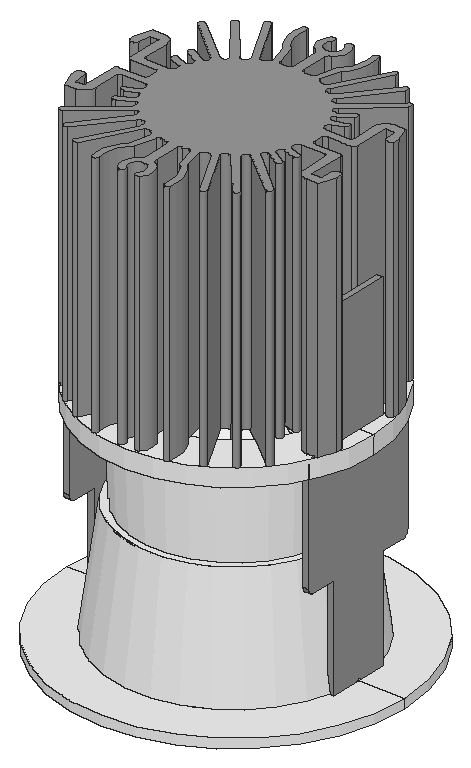
Revit family "Artemide_Everything_55", category Lighting Fixtures, Revit 2018 (continued)
Types (72, lengths in mm): name | Wattage | V_Square | V_Round | Radius_RoundVoidReal | Photometric Web File | built-in parameter 1150142 | M_Louvre | M_HousingLed | built-in parameter 1150105 | Lumens | built-in parameter 1150107 | built-in parameter 1150106 | Product Model Number | Overall Width | Overall Height | Output Lumens Direct light | Input Lumens Direct light | Initial Lumens | IES Files  | Housing Colour  | Face Shape | Efficiency | built-in parameter 1150104 | Distance_SquareVoidReal | Cut Out Length | Colour Temperature | Angle_LightReal | Angle_LightRange | Angle_Light | Adjustable
  Everything_55_Square_20°_3000K_White_NL4203418K006 | 6.4 W | yes | no | 0.3 | "NL4203418K006.IES" | "IESNA:LM-63-2002\r\n[TEST] FTS1500297\r\n[TESTLAB] ARTEMIDE\r\n[TESTDATE] 17 Feb 2015\r\n[ISSUEDATE] 17 Feb 2015\r\n[MANUFAC] ARTEMIDE\r\n[LUMCAT] NL4203418K006\r\n[LUMINAIRE] Everything 55 square 20° - cornice bianca - 3000K\r\n[FLASHAREA] 0.000233\r\n[LAMPCAT] 3000K - Imax=8058 cd/klm - LED Flux=566 lm - LED Power=6.4 W - Eff=84 % - EfcLED=89 lm/W - EfcLum=75 lm/W - Ra=80 min - SDCM=2 - Life=L70(6K)>51,400 ore\r\n[LAMP] 3000K - Imax=8058 cd/klm - LED Flux=566 lm - LED Power=6.4 W - Eff=84 % - EfcLED=89 lm/W - EfcLum=75 lm/W - Ra=80 min - SDCM=2 - Life=L70(6K)>51,400 ore\r\nTILT=NONE\r\n1 476.00 1.0 91 1 1 2 -0.035 -0.035 0.000\r\n1.00 1.00 6.40\r\n0.00 1.00 2.00 3.00 4.00 5.00 6.00 7.00 8.00 9.00 10.00 \r\n11.00 12.00 13.00 14.00 15.00 16.00 17.00 18.00 19.00 \r\n20.00 21.00 22.00 23.00 24.00 25.00 26.00 27.00 28.00 \r\n29.00 30.00 31.00 32.00 33.00 34.00 35.00 36.00 37.00 \r\n38.00 39.00 40.00 41.00 42.00 43.00 44.00 45.00 46.00 \r\n47.00 48.00 49.00 50.00 51.00 52.00 53.00 54.00 55.00 \r\n56.00 57.00 58.00 59.00 60.00 61.00 62.00 63.00 64.00 \r\n65.00 66.00 67.00 68.00 69.00 70.00 71.00 72.00 73.00 \r\n74.00 75.00 76.00 77.00 78.00 79.00 80.00 81.00 82.00 \r\n83.00 84.00 85.00 86.00 87.00 88.00 89.00 90.00 \r\n0.00 \r\n3835.70 3811.54 3722.97 3579.25 3390.25 3174.12 2937.36 \r\n2687.47 2432.02 2169.98 1904.67 1634.92 1363.71 1105.36 \r\n867.10 658.58 485.13 347.55 245.55 171.43 120.13 84.52 \r\n61.07 45.79 35.35 27.74 21.95 17.26 13.97 11.31 9.45 8.19 \r\n6.85 5.52 3.76 2.54 2.07 1.80 1.57 1.29 1.02 0.77 0.62 \r\n0.00 0.00 0.00 0.00 0.00 0.00 0.00 0.00 0.00 0.00 0.00 \r\n0.00 0.00 0.00 0.00 0.00 0.00 0.00 0.00 0.00 0.00 0.00 \r\n0.00 0.00 0.00 0.00 0.00 0.00 0.00 0.00 0.00 0.00 0.00 \r\n0.00 0.00 0.00 0.00 0.00 0.00 0.00 0.00 0.00 0.00 0.00 \r\n0.00 0.00 0.00 0.00 \r\n" | Artemide_Aluminum_White | Artemide_Aluminum_White | 40.402 (stored number, unit not read) | 507.712 lm | 3000 (stored number, unit not read) | 0.40402 (stored number, unit not read) | "NL4203418K006" | 55 | 78 | 476 | 566 | 476 | "https://www.artemide.com/product/downloadFile/2375712/ieseu/4916704" | "White" | "Square" | 84 | 7.37 (stored number, unit not read) | 40.48 | 78 | 3000 | 90.00° | 80.00° | 80.00° | no
  Everything_55_Round_20°_3000K_Black_NL4203518K004 | 6.4 W | no | yes | 22.5 | "NL4203518K004.IES" | "IESNA:LM-63-2002\r\n[TEST] FTS1500205\r\n[TESTLAB] ARTEMIDE\r\n[TESTDATE] 17 Feb 2015\r\n[ISSUEDATE] 17 Feb 2015\r\n[MANUFAC] ARTEMIDE\r\n[LUMCAT] NL4203518K004\r\n[LUMINAIRE] Everything 55 round 20° - cornice nera - 3000K\r\n[FLASHAREA] 0.000233\r\n[LAMPCAT] 3000K - Imax=7992 cd/klm - LED Flux=566 lm - LED Power=6.4 W - Eff=84 % - EfcLED=89 lm/W - EfcLum=75 lm/W - Ra=80 min - SDCM=2 - Life=L70(6K)>51,400 ore\r\n[LAMP] 3000K - Imax=7992 cd/klm - LED Flux=566 lm - LED Power=6.4 W - Eff=84 % - EfcLED=89 lm/W - EfcLum=75 lm/W - Ra=80 min - SDCM=2 - Life=L70(6K)>51,400 ore\r\nTILT=NONE\r\n1 476.00 1.0 91 1 1 2 -0.035 -0.035 0.000\r\n1.00 1.00 6.40\r\n0.00 1.00 2.00 3.00 4.00 5.00 6.00 7.00 8.00 9.00 10.00 \r\n11.00 12.00 13.00 14.00 15.00 16.00 17.00 18.00 19.00 \r\n20.00 21.00 22.00 23.00 24.00 25.00 26.00 27.00 28.00 \r\n29.00 30.00 31.00 32.00 33.00 34.00 35.00 36.00 37.00 \r\n38.00 39.00 40.00 41.00 42.00 43.00 44.00 45.00 46.00 \r\n47.00 48.00 49.00 50.00 51.00 52.00 53.00 54.00 55.00 \r\n56.00 57.00 58.00 59.00 60.00 61.00 62.00 63.00 64.00 \r\n65.00 66.00 67.00 68.00 69.00 70.00 71.00 72.00 73.00 \r\n74.00 75.00 76.00 77.00 78.00 79.00 80.00 81.00 82.00 \r\n83.00 84.00 85.00 86.00 87.00 88.00 89.00 90.00 \r\n0.00 \r\n3804.41 3779.31 3694.65 3555.82 3372.96 3163.70 2936.04 \r\n2691.09 2438.59 2176.71 1913.39 1645.46 1372.95 1115.63 \r\n874.60 665.28 491.52 352.56 249.13 173.83 121.32 85.07 \r\n60.84 45.29 34.43 26.66 20.72 15.85 12.46 9.87 7.98 6.60 \r\n5.31 3.63 2.13 0.79 0.41 0.20 0.10 0.00 0.00 0.00 0.00 \r\n0.00 0.00 0.00 0.00 0.00 0.00 0.00 0.00 0.00 0.00 0.00 \r\n0.00 0.00 0.00 0.00 0.00 0.00 0.00 0.00 0.00 0.00 0.00 \r\n0.00 0.00 0.00 0.00 0.00 0.00 0.00 0.00 0.00 0.00 0.00 \r\n0.00 0.00 0.00 0.00 0.00 0.00 0.00 0.00 0.00 0.00 0.00 \r\n0.00 0.00 0.00 0.00 \r\n" | Artemide_Aluminum_Black | Artemide_Aluminum_Black | 40.402 (stored number, unit not read) | 507.712 lm | 3000 (stored number, unit not read) | 0.40402 (stored number, unit not read) | "NL4203518K004" | 0 | 78 | 476 | 566 | 476 | "https://www.artemide.com/product/downloadFile/2370986/ieseu/4916682" | "Black" | "Round" | 84 | 7.37 (stored number, unit not read) | 0.8 | 78 | 3000 | 90.00° | 60.00° | 60.00° | no
  Everything_55_Round_20°_3000K_Silver_NL4203518K002 | 6.4 W | no | yes | 22.5 | "NL4203518K002.IES" | "IESNA:LM-63-2002\r\n[TEST] FTS1500201\r\n[TESTLAB] ARTEMIDE\r\n[TESTDATE] 17 Feb 2015\r\n[ISSUEDATE] 17 Feb 2015\r\n[MANUFAC] ARTEMIDE\r\n[LUMCAT] NL4203518K002\r\n[LUMINAIRE] Everything 55 round 20° - cornice grigia - 3000K\r\n[FLASHAREA] 0.000233\r\n[LAMPCAT] 3000K - Imax=7991 cd/klm - LED Flux=566 lm - LED Power=6.4 W - Eff=84 % - EfcLED=89 lm/W - EfcLum=75 lm/W - Ra=80 min - SDCM=2 - Life=L70(6K)>51,400 ore\r\n[LAMP] 3000K - Imax=7991 cd/klm - LED Flux=566 lm - LED Power=6.4 W - Eff=84 % - EfcLED=89 lm/W - EfcLum=75 lm/W - Ra=80 min - SDCM=2 - Life=L70(6K)>51,400 ore\r\nTILT=NONE\r\n1 476.00 1.0 91 1 1 2 -0.035 -0.035 0.000\r\n1.00 1.00 6.40\r\n0.00 1.00 2.00 3.00 4.00 5.00 6.00 7.00 8.00 9.00 10.00 \r\n11.00 12.00 13.00 14.00 15.00 16.00 17.00 18.00 19.00 \r\n20.00 21.00 22.00 23.00 24.00 25.00 26.00 27.00 28.00 \r\n29.00 30.00 31.00 32.00 33.00 34.00 35.00 36.00 37.00 \r\n38.00 39.00 40.00 41.00 42.00 43.00 44.00 45.00 46.00 \r\n47.00 48.00 49.00 50.00 51.00 52.00 53.00 54.00 55.00 \r\n56.00 57.00 58.00 59.00 60.00 61.00 62.00 63.00 64.00 \r\n65.00 66.00 67.00 68.00 69.00 70.00 71.00 72.00 73.00 \r\n74.00 75.00 76.00 77.00 78.00 79.00 80.00 81.00 82.00 \r\n83.00 84.00 85.00 86.00 87.00 88.00 89.00 90.00 \r\n0.00 \r\n3803.93 3777.27 3690.60 3550.18 3366.44 3154.65 2923.75 \r\n2678.21 2424.20 2162.42 1899.21 1638.11 1367.87 1110.89 \r\n869.78 662.10 489.25 352.51 250.30 175.61 122.98 86.78 \r\n62.72 47.09 36.35 28.46 22.54 17.72 14.19 11.49 9.56 8.23 \r\n6.95 5.35 3.78 2.58 1.81 1.53 1.19 0.85 0.52 0.37 0.27 \r\n0.20 0.00 0.00 0.00 0.00 0.00 0.00 0.00 0.00 0.00 0.00 \r\n0.00 0.00 0.00 0.00 0.00 0.00 0.00 0.00 0.00 0.00 0.00 \r\n0.00 0.00 0.00 0.00 0.00 0.00 0.00 0.00 0.00 0.00 0.00 \r\n0.00 0.00 0.00 0.00 0.00 0.00 0.00 0.00 0.00 0.00 0.00 \r\n0.00 0.00 0.00 0.00 \r\n" | Artemide_Aluminum_BrushedSilver | Artemide_Aluminum_BrushedSilver | 40.402 (stored number, unit not read) | 507.712 lm | 3000 (stored number, unit not read) | 0.40402 (stored number, unit not read) | "NL4203518K002" | 0 | 78 | 476 | 566 | 476 | "https://www.artemide.com/product/downloadFile/2371087/ieseu/4916484" | "Silver" | "Round" | 84 | 7.37 (stored number, unit not read) | 0.8 | 78 | 3000 | 90.00° | 60.00° | 60.00° | no
  Everything_55_Round_34°_3000K_White_NL4203534K006 | 6.4 W | no | yes | 22.5 | "NL4203534K006.IES" | "IESNA:LM-63-2002\r\n[TEST] FTS1500199\r\n[TESTLAB] ARTEMIDE\r\n[TESTDATE] 17 Feb 2015\r\n[ISSUEDATE] 17 Feb 2015\r\n[MANUFAC] ARTEMIDE\r\n[LUMCAT] NL4203534K006\r\n[LUMINAIRE] Everything 55 round 34° - cornice bianca - 3000K\r\n[FLASHAREA] 0.000233\r\n[LAMPCAT] 3000K - Imax=2814 cd/klm - LED Flux=566 lm - LED Power=6.4 W - Eff=78 % - EfcLED=89 lm/W - EfcLum=69 lm/W - Ra=80 min - SDCM=2 - Life=L70(6K)>51,400 ore\r\n[LAMP] 3000K - Imax=2814 cd/klm - LED Flux=566 lm - LED Power=6.4 W - Eff=78 % - EfcLED=89 lm/W - EfcLum=69 lm/W - Ra=80 min - SDCM=2 - Life=L70(6K)>51,400 ore\r\nTILT=NONE\r\n1 442.00 1.0 91 1 1 2 -0.035 -0.035 0.000\r\n1.00 1.00 6.40\r\n0.00 1.00 2.00 3.00 4.00 5.00 6.00 7.00 8.00 9.00 10.00 \r\n11.00 12.00 13.00 14.00 15.00 16.00 17.00 18.00 19.00 \r\n20.00 21.00 22.00 23.00 24.00 25.00 26.00 27.00 28.00 \r\n29.00 30.00 31.00 32.00 33.00 34.00 35.00 36.00 37.00 \r\n38.00 39.00 40.00 41.00 42.00 43.00 44.00 45.00 46.00 \r\n47.00 48.00 49.00 50.00 51.00 52.00 53.00 54.00 55.00 \r\n56.00 57.00 58.00 59.00 60.00 61.00 62.00 63.00 64.00 \r\n65.00 66.00 67.00 68.00 69.00 70.00 71.00 72.00 73.00 \r\n74.00 75.00 76.00 77.00 78.00 79.00 80.00 81.00 82.00 \r\n83.00 84.00 85.00 86.00 87.00 88.00 89.00 90.00 \r\n0.00 \r\n1243.99 1242.87 1238.08 1228.38 1213.95 1194.58 1170.39 \r\n1140.32 1105.03 1064.11 1019.34 969.89 916.44 859.74 \r\n801.23 742.10 682.13 623.41 569.35 516.57 464.71 415.54 \r\n366.89 321.28 276.77 235.06 196.46 161.39 126.29 92.87 \r\n69.95 55.58 45.06 37.14 30.36 24.91 19.99 15.84 12.47 \r\n9.75 7.84 6.72 5.96 5.20 4.84 4.48 4.30 4.12 3.81 3.51 \r\n3.27 3.03 2.99 2.95 2.91 2.83 2.51 2.06 1.78 1.49 1.33 \r\n1.13 0.99 0.00 0.00 0.00 0.00 0.00 0.00 0.00 0.00 0.00 \r\n0.00 0.00 0.00 0.00 0.00 0.00 0.00 0.00 0.00 0.00 0.00 \r\n0.00 0.00 0.00 0.00 0.00 0.00 0.00 0.00 \r\n" | Artemide_Aluminum_White | Artemide_Aluminum_White | 37.52 (stored number, unit not read) | 471.488 lm | 3000 (stored number, unit not read) | 0.3752 (stored number, unit not read) | "NL4203534K006" | 0 | 78 | 442 | 566 | 442 | "https://www.artemide.com/product/downloadFile/2371482/ieseu/4916830" | "White" | "Round" | 78 | 6.8442 (stored number, unit not read) | 0.8 | 78 | 3000 | 90.00° | 60.00° | 60.00° | no
  Everything_55_Round_34°_3000K_Black_NL4203534K004 | 6.4 W | no | yes | 22.5 | "NL4203534K004.IES" | "IESNA:LM-63-2002\r\n[TEST] FTS1500207\r\n[TESTLAB] ARTEMIDE\r\n[TESTDATE] 16 Feb 2015\r\n[ISSUEDATE] 16 Feb 2015\r\n[MANUFAC] ARTEMIDE\r\n[LUMCAT] NL4203534K004\r\n[LUMINAIRE] Everything 55 round 34° - cornice nera - 3000K\r\n[FLASHAREA] 0.000233\r\n[LAMPCAT] 3000K - Imax=2862 cd/klm - LED Flux=566 lm - LED Power=6.4 W - Eff=75 % - EfcLED=89 lm/W - EfcLum=69 lm/W - Ra=80 min - SDCM=2 - Life=L70(6K)>51,400 ore\r\n[LAMP] 3000K - Imax=2862 cd/klm - LED Flux=566 lm - LED Power=6.4 W - Eff=75 % - EfcLED=89 lm/W - EfcLum=69 lm/W - Ra=80 min - SDCM=2 - Life=L70(6K)>51,400 ore\r\nTILT=NONE\r\n1 425.00 1.0 91 1 1 2 -0.035 -0.035 0.000\r\n1.00 1.00 6.40\r\n0.00 1.00 2.00 3.00 4.00 5.00 6.00 7.00 8.00 9.00 10.00 \r\n11.00 12.00 13.00 14.00 15.00 16.00 17.00 18.00 19.00 \r\n20.00 21.00 22.00 23.00 24.00 25.00 26.00 27.00 28.00 \r\n29.00 30.00 31.00 32.00 33.00 34.00 35.00 36.00 37.00 \r\n38.00 39.00 40.00 41.00 42.00 43.00 44.00 45.00 46.00 \r\n47.00 48.00 49.00 50.00 51.00 52.00 53.00 54.00 55.00 \r\n56.00 57.00 58.00 59.00 60.00 61.00 62.00 63.00 64.00 \r\n65.00 66.00 67.00 68.00 69.00 70.00 71.00 72.00 73.00 \r\n74.00 75.00 76.00 77.00 78.00 79.00 80.00 81.00 82.00 \r\n83.00 84.00 85.00 86.00 87.00 88.00 89.00 90.00 \r\n0.00 \r\n1216.37 1213.87 1211.37 1203.20 1190.75 1173.50 1151.49 \r\n1123.39 1089.81 1050.01 1005.91 957.51 904.01 848.38 \r\n789.52 729.84 670.82 613.28 558.60 505.86 455.53 406.40 \r\n358.19 313.14 268.91 227.31 188.89 153.11 116.57 85.09 \r\n63.89 50.28 40.45 32.52 26.01 20.55 15.74 11.75 8.40 5.84 \r\n4.00 2.96 1.93 1.43 0.84 0.25 0.12 0.06 0.00 0.00 0.00 \r\n0.00 0.00 0.00 0.00 0.00 0.00 0.00 0.00 0.00 0.00 0.00 \r\n0.00 0.00 0.00 0.00 0.00 0.00 0.00 0.00 0.00 0.00 0.00 \r\n0.00 0.00 0.00 0.00 0.00 0.00 0.00 0.00 0.00 0.00 0.00 \r\n0.00 0.00 0.00 0.00 0.00 0.00 0.00 \r\n" | Artemide_Aluminum_Black | Artemide_Aluminum_Black | 37.52 (stored number, unit not read) | 471.488 lm | 3000 (stored number, unit not read) | 0.3752 (stored number, unit not read) | "NL4203534K004" | 0 | 78 | 425 | 566 | 425 | "https://www.artemide.com/product/downloadFile/2371585/ieseu/4917199" | "Black" | "Round" | 78 | 6.8442 (stored number, unit not read) | 0.8 | 78 | 3000 | 90.00° | 60.00° | 60.00° | no
  Everything_55_Round_34°_3000K_Silver_NL4203534K002 | 6.4 W | no | yes | 22.5 | "NL4203534K002.IES" | "IESNA:LM-63-2002\r\n[TEST] FTS1500203\r\n[TESTLAB] ARTEMIDE\r\n[TESTDATE] 17 Feb 2015\r\n[ISSUEDATE] 17 Feb 2015\r\n[MANUFAC] ARTEMIDE\r\n[LUMCAT] NL4203534K002\r\n[LUMINAIRE] Everything 55 round 34° - cornice grigia - 3000K\r\n[FLASHAREA] 0.000233\r\n[LAMPCAT] 3000K - Imax=2846 cd/klm - LED Flux=566 lm - LED Power=6.4 W - Eff=77 % - EfcLED=89 lm/W - EfcLum=69 lm/W - Ra=80 min - SDCM=2 - Life=L70(6K)>51,400 ore\r\n[LAMP] 3000K - Imax=2846 cd/klm - LED Flux=566 lm - LED Power=6.4 W - Eff=77 % - EfcLED=89 lm/W - EfcLum=69 lm/W - Ra=80 min - SDCM=2 - Life=L70(6K)>51,400 ore\r\nTILT=NONE\r\n1 436.00 1.0 91 1 1 2 -0.035 -0.035 0.000\r\n1.00 1.00 6.40\r\n0.00 1.00 2.00 3.00 4.00 5.00 6.00 7.00 8.00 9.00 10.00 \r\n11.00 12.00 13.00 14.00 15.00 16.00 17.00 18.00 19.00 \r\n20.00 21.00 22.00 23.00 24.00 25.00 26.00 27.00 28.00 \r\n29.00 30.00 31.00 32.00 33.00 34.00 35.00 36.00 37.00 \r\n38.00 39.00 40.00 41.00 42.00 43.00 44.00 45.00 46.00 \r\n47.00 48.00 49.00 50.00 51.00 52.00 53.00 54.00 55.00 \r\n56.00 57.00 58.00 59.00 60.00 61.00 62.00 63.00 64.00 \r\n65.00 66.00 67.00 68.00 69.00 70.00 71.00 72.00 73.00 \r\n74.00 75.00 76.00 77.00 78.00 79.00 80.00 81.00 82.00 \r\n83.00 84.00 85.00 86.00 87.00 88.00 89.00 90.00 \r\n0.00 \r\n1240.95 1240.02 1234.86 1225.15 1210.71 1191.73 1167.39 \r\n1137.35 1102.31 1060.95 1015.93 966.51 912.77 856.31 \r\n796.79 736.59 678.55 620.93 565.45 512.44 462.16 412.85 \r\n364.37 319.29 275.00 233.40 195.04 156.43 119.09 89.05 \r\n67.78 54.33 44.26 36.34 29.67 24.05 19.21 15.18 11.64 \r\n9.00 7.01 5.73 4.62 4.16 3.71 3.35 3.15 2.86 2.58 2.22 \r\n1.91 1.70 1.49 1.38 1.27 0.99 0.65 0.00 0.00 0.00 0.00 \r\n0.00 0.00 0.00 0.00 0.00 0.00 0.00 0.00 0.00 0.00 0.00 \r\n0.00 0.00 0.00 0.00 0.00 0.00 0.00 0.00 0.00 0.00 0.00 \r\n0.00 0.00 0.00 0.00 0.00 0.00 0.00 0.00 \r\n" | Artemide_Aluminum_BrushedSilver | Artemide_Aluminum_BrushedSilver | 37.52 (stored number, unit not read) | 471.488 lm | 3000 (stored number, unit not read) | 0.3752 (stored number, unit not read) | "NL4203534K002" | 0 | 78 | 436 | 566 | 436 | "https://www.artemide.com/product/downloadFile/2371686/ieseu/4917009" | "Silver" | "Round" | 78 | 6.8442 (stored number, unit not read) | 0.8 | 78 | 3000 | 90.00° | 60.00° | 60.00° | no
  Everything_55_Round_20°_3000K_White_NL4204118K006 | 8.5 W | no | yes | 22.5 | "NL4204118K006.IES" | "IESNA:LM-63-2002\r\n[TEST] FTS1500341\r\n[TESTLAB] ARTEMIDE\r\n[TESTDATE] 17 Feb 2015\r\n[ISSUEDATE] 17 Feb 2015\r\n[MANUFAC] ARTEMIDE\r\n[LUMCAT] NL4204118K006\r\n[LUMINAIRE] Everything 55 700mA round 20° - cornice bianca - 3000K\r\n[FLASHAREA] 0.000233\r\n[LAMPCAT] 3000K - Imax=8058 cd/klm - LED Flux=755 lm - LED Power=8.5 W - Eff=84 % - EfcLED=89 lm/W - EfcLum=75 lm/W - Ra=80 min - SDCM=2 - Life=L70(6K)>51,400 ore\r\n[LAMP] 3000K - Imax=8058 cd/klm - LED Flux=755 lm - LED Power=8.5 W - Eff=84 % - EfcLED=89 lm/W - EfcLum=75 lm/W - Ra=80 min - SDCM=2 - Life=L70(6K)>51,400 ore\r\nTILT=NONE\r\n1 634.00 1.0 91 1 1 2 -0.035 -0.035 0.000\r\n1.00 1.00 8.50\r\n0.00 1.00 2.00 3.00 4.00 5.00 6.00 7.00 8.00 9.00 10.00 \r\n11.00 12.00 13.00 14.00 15.00 16.00 17.00 18.00 19.00 \r\n20.00 21.00 22.00 23.00 24.00 25.00 26.00 27.00 28.00 \r\n29.00 30.00 31.00 32.00 33.00 34.00 35.00 36.00 37.00 \r\n38.00 39.00 40.00 41.00 42.00 43.00 44.00 45.00 46.00 \r\n47.00 48.00 49.00 50.00 51.00 52.00 53.00 54.00 55.00 \r\n56.00 57.00 58.00 59.00 60.00 61.00 62.00 63.00 64.00 \r\n65.00 66.00 67.00 68.00 69.00 70.00 71.00 72.00 73.00 \r\n74.00 75.00 76.00 77.00 78.00 79.00 80.00 81.00 82.00 \r\n83.00 84.00 85.00 86.00 87.00 88.00 89.00 90.00 \r\n0.00 \r\n5108.89 5076.72 4958.75 4767.33 4515.59 4227.71 3912.36 \r\n3579.53 3239.28 2890.27 2536.89 2177.61 1816.37 1472.26 \r\n1154.92 877.18 646.17 462.92 327.05 228.33 160.01 112.58 \r\n81.35 60.99 47.09 36.94 29.24 22.99 18.61 15.07 12.58 \r\n10.91 9.13 7.36 5.01 3.39 2.75 2.40 2.09 1.72 1.36 1.03 \r\n0.83 0.00 0.00 0.00 0.00 0.00 0.00 0.00 0.00 0.00 0.00 \r\n0.00 0.00 0.00 0.00 0.00 0.00 0.00 0.00 0.00 0.00 0.00 \r\n0.00 0.00 0.00 0.00 0.00 0.00 0.00 0.00 0.00 0.00 0.00 \r\n0.00 0.00 0.00 0.00 0.00 0.00 0.00 0.00 0.00 0.00 0.00 \r\n0.00 0.00 0.00 0.00 0.00 \r\n" | Artemide_Aluminum_White | Artemide_Aluminum_White | 53.605 (stored number, unit not read) | 673.625 lm | 3000 (stored number, unit not read) | 0.53605 (stored number, unit not read) | "NL4204118K006" | 0 | 98 | 634 | 755 | 634 | "https://www.artemide.com/product/downloadFile/2374288/ieseu/4917187" | "White" | "Round" | 84 | 7.3626 (stored number, unit not read) | 0.8 | 98 | 3000 | 90.00° | 60.00° | 60.00° | no
  Everything_55_Round_20°_3000K_Black_NL4204118K004 | 8.5 W | no | yes | 22.5 | "NL4204118K004.IES" | "IESNA:LM-63-2002\r\n[TEST] FTS1500349\r\n[TESTLAB] ARTEMIDE\r\n[TESTDATE] 17 Feb 2015\r\n[ISSUEDATE] 17 Feb 2015\r\n[MANUFAC] ARTEMIDE\r\n[LUMCAT] NL4204118K004\r\n[LUMINAIRE] Everything 55 700mA round 20° - cornice nera - 3000K\r\n[FLASHAREA] 0.000233\r\n[LAMPCAT] 3000K - Imax=7992 cd/klm - LED Flux=755 lm - LED Power=8.5 W - Eff=84 % - EfcLED=89 lm/W - EfcLum=75 lm/W - Ra=80 min - SDCM=2 - Life=L70(6K)>51,400 ore\r\n[LAMP] 3000K - Imax=7992 cd/klm - LED Flux=755 lm - LED Power=8.5 W - Eff=84 % - EfcLED=89 lm/W - EfcLum=75 lm/W - Ra=80 min - SDCM=2 - Life=L70(6K)>51,400 ore\r\nTILT=NONE\r\n1 634.00 1.0 91 1 1 2 -0.035 -0.035 0.000\r\n1.00 1.00 8.50\r\n0.00 1.00 2.00 3.00 4.00 5.00 6.00 7.00 8.00 9.00 10.00 \r\n11.00 12.00 13.00 14.00 15.00 16.00 17.00 18.00 19.00 \r\n20.00 21.00 22.00 23.00 24.00 25.00 26.00 27.00 28.00 \r\n29.00 30.00 31.00 32.00 33.00 34.00 35.00 36.00 37.00 \r\n38.00 39.00 40.00 41.00 42.00 43.00 44.00 45.00 46.00 \r\n47.00 48.00 49.00 50.00 51.00 52.00 53.00 54.00 55.00 \r\n56.00 57.00 58.00 59.00 60.00 61.00 62.00 63.00 64.00 \r\n65.00 66.00 67.00 68.00 69.00 70.00 71.00 72.00 73.00 \r\n74.00 75.00 76.00 77.00 78.00 79.00 80.00 81.00 82.00 \r\n83.00 84.00 85.00 86.00 87.00 88.00 89.00 90.00 \r\n0.00 \r\n5067.21 5033.78 4921.03 4736.11 4492.55 4213.83 3910.61 \r\n3584.35 3248.04 2899.23 2548.50 2191.64 1828.68 1485.95 \r\n1164.91 886.11 654.67 469.59 331.83 231.54 161.59 113.31 \r\n81.03 60.32 45.86 35.50 27.60 21.12 16.59 13.15 10.62 \r\n8.79 7.07 4.83 2.83 1.06 0.54 0.27 0.14 0.00 0.00 0.00 \r\n0.00 0.00 0.00 0.00 0.00 0.00 0.00 0.00 0.00 0.00 0.00 \r\n0.00 0.00 0.00 0.00 0.00 0.00 0.00 0.00 0.00 0.00 0.00 \r\n0.00 0.00 0.00 0.00 0.00 0.00 0.00 0.00 0.00 0.00 0.00 \r\n0.00 0.00 0.00 0.00 0.00 0.00 0.00 0.00 0.00 0.00 0.00 \r\n0.00 0.00 0.00 0.00 0.00 \r\n" | Artemide_Aluminum_Black | Artemide_Aluminum_Black | 53.605 (stored number, unit not read) | 673.625 lm | 3000 (stored number, unit not read) | 0.53605 (stored number, unit not read) | "NL4204118K004" | 0 | 98 | 634 | 755 | 634 | "https://www.artemide.com/product/downloadFile/2374400/ieseu/4916870" | "Black" | "Round" | 84 | 7.3626 (stored number, unit not read) | 0.8 | 98 | 3000 | 90.00° | 60.00° | 60.00° | no
  Everything_55_Round_20°_3000K_Silver_NL4204118K002 | 8.5 W | no | yes | 22.5 | "NL4204118K002.IES" | "IESNA:LM-63-2002\r\n[TEST] FTS1500345\r\n[TESTLAB] ARTEMIDE\r\n[TESTDATE] 17 Feb 2015\r\n[ISSUEDATE] 17 Feb 2015\r\n[MANUFAC] ARTEMIDE\r\n[LUMCAT] NL4204118K002\r\n[LUMINAIRE] Everything 55 700mA round 20° - cornice grigia - 3000K\r\n[FLASHAREA] 0.000233\r\n[LAMPCAT] 3000K - Imax=7991 cd/klm - LED Flux=755 lm - LED Power=8.5 W - Eff=84 % - EfcLED=89 lm/W - EfcLum=75 lm/W - Ra=80 min - SDCM=2 - Life=L70(6K)>51,400 ore\r\n[LAMP] 3000K - Imax=7991 cd/klm - LED Flux=755 lm - LED Power=8.5 W - Eff=84 % - EfcLED=89 lm/W - EfcLum=75 lm/W - Ra=80 min - SDCM=2 - Life=L70(6K)>51,400 ore\r\nTILT=NONE\r\n1 634.00 1.0 91 1 1 2 -0.035 -0.035 0.000\r\n1.00 1.00 8.50\r\n0.00 1.00 2.00 3.00 4.00 5.00 6.00 7.00 8.00 9.00 10.00 \r\n11.00 12.00 13.00 14.00 15.00 16.00 17.00 18.00 19.00 \r\n20.00 21.00 22.00 23.00 24.00 25.00 26.00 27.00 28.00 \r\n29.00 30.00 31.00 32.00 33.00 34.00 35.00 36.00 37.00 \r\n38.00 39.00 40.00 41.00 42.00 43.00 44.00 45.00 46.00 \r\n47.00 48.00 49.00 50.00 51.00 52.00 53.00 54.00 55.00 \r\n56.00 57.00 58.00 59.00 60.00 61.00 62.00 63.00 64.00 \r\n65.00 66.00 67.00 68.00 69.00 70.00 71.00 72.00 73.00 \r\n74.00 75.00 76.00 77.00 78.00 79.00 80.00 81.00 82.00 \r\n83.00 84.00 85.00 86.00 87.00 88.00 89.00 90.00 \r\n0.00 \r\n5066.58 5031.07 4915.62 4728.60 4483.87 4201.78 3894.24 \r\n3567.20 3228.87 2880.19 2529.62 2181.85 1821.91 1479.63 \r\n1158.49 881.87 651.64 469.51 333.38 233.90 163.81 115.59 \r\n83.53 62.72 48.41 37.91 30.02 23.60 18.90 15.30 12.74 \r\n10.96 9.25 7.13 5.03 3.44 2.41 2.03 1.59 1.14 0.69 0.50 \r\n0.36 0.26 0.00 0.00 0.00 0.00 0.00 0.00 0.00 0.00 0.00 \r\n0.00 0.00 0.00 0.00 0.00 0.00 0.00 0.00 0.00 0.00 0.00 \r\n0.00 0.00 0.00 0.00 0.00 0.00 0.00 0.00 0.00 0.00 0.00 \r\n0.00 0.00 0.00 0.00 0.00 0.00 0.00 0.00 0.00 0.00 0.00 \r\n0.00 0.00 0.00 0.00 0.00 \r\n" | Artemide_Aluminum_BrushedSilver | Artemide_Aluminum_BrushedSilver | 53.605 (stored number, unit not read) | 673.625 lm | 3000 (stored number, unit not read) | 0.53605 (stored number, unit not read) | "NL4204118K002" | 0 | 98 | 634 | 755 | 634 | "https://www.artemide.com/product/downloadFile/2374511/ieseu/4916763" | "Silver" | "Round" | 84 | 7.3626 (stored number, unit not read) | 0.8 | 98 | 3000 | 90.00° | 60.00° | 60.00° | no
  Everything_55_Round_34°_3000K_White_NL4204134K006 | 8.5 W | no | yes | 22.5 | "NL4204134K006.IES" | "IESNA:LM-63-2002\r\n[TEST] FTS1500343\r\n[TESTLAB] ARTEMIDE\r\n[TESTDATE] 17 Feb 2015\r\n[ISSUEDATE] 17 Feb 2015\r\n[MANUFAC] ARTEMIDE\r\n[LUMCAT] NL4204134K006\r\n[LUMINAIRE] Everything 55 700mA round 34° - cornice bianca - 3000K\r\n[FLASHAREA] 0.000233\r\n[LAMPCAT] 3000K - Imax=2814 cd/klm - LED Flux=755 lm - LED Power=8.5 W - Eff=78 % - EfcLED=89 lm/W - EfcLum=69 lm/W - Ra=80 min - SDCM=2 - Life=L70(6K)>51,400 ore\r\n[LAMP] 3000K - Imax=2814 cd/klm - LED Flux=755 lm - LED Power=8.5 W - Eff=78 % - EfcLED=89 lm/W - EfcLum=69 lm/W - Ra=80 min - SDCM=2 - Life=L70(6K)>51,400 ore\r\nTILT=NONE\r\n1 589.00 1.0 91 1 1 2 -0.035 -0.035 0.000\r\n1.00 1.00 8.50\r\n0.00 1.00 2.00 3.00 4.00 5.00 6.00 7.00 8.00 9.00 10.00 \r\n11.00 12.00 13.00 14.00 15.00 16.00 17.00 18.00 19.00 \r\n20.00 21.00 22.00 23.00 24.00 25.00 26.00 27.00 28.00 \r\n29.00 30.00 31.00 32.00 33.00 34.00 35.00 36.00 37.00 \r\n38.00 39.00 40.00 41.00 42.00 43.00 44.00 45.00 46.00 \r\n47.00 48.00 49.00 50.00 51.00 52.00 53.00 54.00 55.00 \r\n56.00 57.00 58.00 59.00 60.00 61.00 62.00 63.00 64.00 \r\n65.00 66.00 67.00 68.00 69.00 70.00 71.00 72.00 73.00 \r\n74.00 75.00 76.00 77.00 78.00 79.00 80.00 81.00 82.00 \r\n83.00 84.00 85.00 86.00 87.00 88.00 89.00 90.00 \r\n0.00 \r\n1657.71 1656.22 1649.84 1636.92 1617.68 1591.87 1559.63 \r\n1519.56 1472.54 1418.01 1358.35 1292.45 1221.23 1145.68 \r\n1067.70 988.91 908.99 830.74 758.71 688.37 619.27 553.74 \r\n488.92 428.14 368.82 313.24 261.80 215.07 168.29 123.76 \r\n93.21 74.07 60.04 49.49 40.45 33.19 26.64 21.11 16.62 \r\n12.99 10.45 8.95 7.94 6.93 6.45 5.97 5.73 5.49 5.08 4.67 \r\n4.35 4.04 3.98 3.93 3.88 3.77 3.34 2.75 2.37 1.99 1.77 \r\n1.51 1.32 0.00 0.00 0.00 0.00 0.00 0.00 0.00 0.00 0.00 \r\n0.00 0.00 0.00 0.00 0.00 0.00 0.00 0.00 0.00 0.00 0.00 \r\n0.00 0.00 0.00 0.00 0.00 0.00 0.00 0.00 \r\n" | Artemide_Aluminum_White | Artemide_Aluminum_White | 49.797 (stored number, unit not read) | 625.77 lm | 3000 (stored number, unit not read) | 0.49797 (stored number, unit not read) | "NL4204134K006" | 0 | 98 | 589 | 755 | 589 | "https://www.artemide.com/product/downloadFile/2374996/ieseu/4917163" | "White" | "Round" | 78 | 6.8395 (stored number, unit not read) | 0.8 | 98 | 3000 | 90.00° | 60.00° | 60.00° | no
  Everything_55_Round_34°_3000K_Silver_NL4204134K002 | 8.5 W | no | yes | 22.5 | "NL4204134K002.IES" | "IESNA:LM-63-2002\r\n[TEST] FTS1500347\r\n[TESTLAB] ARTEMIDE\r\n[TESTDATE] 17 Feb 2015\r\n[ISSUEDATE] 17 Feb 2015\r\n[MANUFAC] ARTEMIDE\r\n[LUMCAT] NL4204134K002\r\n[LUMINAIRE] Everything 55 700mA round 34° - cornice grigia - 3000K\r\n[FLASHAREA] 0.000233\r\n[LAMPCAT] 3000K - Imax=2846 cd/klm - LED Flux=755 lm - LED Power=8.5 W - Eff=77 % - EfcLED=89 lm/W - EfcLum=69 lm/W - Ra=80 min - SDCM=2 - Life=L70(6K)>51,400 ore\r\n[LAMP] 3000K - Imax=2846 cd/klm - LED Flux=755 lm - LED Power=8.5 W - Eff=77 % - EfcLED=89 lm/W - EfcLum=69 lm/W - Ra=80 min - SDCM=2 - Life=L70(6K)>51,400 ore\r\nTILT=NONE\r\n1 581.00 1.0 91 1 1 2 -0.035 -0.035 0.000\r\n1.00 1.00 8.50\r\n0.00 1.00 2.00 3.00 4.00 5.00 6.00 7.00 8.00 9.00 10.00 \r\n11.00 12.00 13.00 14.00 15.00 16.00 17.00 18.00 19.00 \r\n20.00 21.00 22.00 23.00 24.00 25.00 26.00 27.00 28.00 \r\n29.00 30.00 31.00 32.00 33.00 34.00 35.00 36.00 37.00 \r\n38.00 39.00 40.00 41.00 42.00 43.00 44.00 45.00 46.00 \r\n47.00 48.00 49.00 50.00 51.00 52.00 53.00 54.00 55.00 \r\n56.00 57.00 58.00 59.00 60.00 61.00 62.00 63.00 64.00 \r\n65.00 66.00 67.00 68.00 69.00 70.00 71.00 72.00 73.00 \r\n74.00 75.00 76.00 77.00 78.00 79.00 80.00 81.00 82.00 \r\n83.00 84.00 85.00 86.00 87.00 88.00 89.00 90.00 \r\n0.00 \r\n1653.65 1652.41 1645.54 1632.59 1613.36 1588.06 1555.63 \r\n1515.60 1468.91 1413.79 1353.80 1287.95 1216.33 1141.09 \r\n1061.78 981.55 904.21 827.43 753.50 682.87 615.86 550.15 \r\n485.55 425.47 366.46 311.02 259.90 208.46 158.69 118.67 \r\n90.32 72.40 58.98 48.43 39.54 32.05 25.60 20.22 15.51 \r\n11.99 9.35 7.63 6.15 5.55 4.95 4.46 4.20 3.82 3.44 2.96 \r\n2.54 2.26 1.98 1.84 1.69 1.31 0.86 0.00 0.00 0.00 0.00 \r\n0.00 0.00 0.00 0.00 0.00 0.00 0.00 0.00 0.00 0.00 0.00 \r\n0.00 0.00 0.00 0.00 0.00 0.00 0.00 0.00 0.00 0.00 0.00 \r\n0.00 0.00 0.00 0.00 0.00 0.00 0.00 0.00 \r\n" | Artemide_Aluminum_BrushedSilver | Artemide_Aluminum_BrushedSilver | 49.797 (stored number, unit not read) | 625.77 lm | 3000 (stored number, unit not read) | 0.49797 (stored number, unit not read) | "NL4204134K002" | 0 | 98 | 581 | 755 | 581 | "https://www.artemide.com/product/downloadFile/2375238/ieseu/4916618" | "Black" | "Round" | 78 | 6.8395 (stored number, unit not read) | 0.8 | 98 | 3000 | 90.00° | 60.00° | 60.00° | no
  Everything_55_Round_34°_3000K_Black_NL4204134K004 | 8.5 W | no | yes | 22.5 | "NL4204134K004.IES" | "IESNA:LM-63-2002\r\n[TEST] FTS1500351\r\n[TESTLAB] ARTEMIDE\r\n[TESTDATE] 16 Feb 2015\r\n[ISSUEDATE] 16 Feb 2015\r\n[MANUFAC] ARTEMIDE\r\n[LUMCAT] NL4204134K004\r\n[LUMINAIRE] Everything 55 700mA round 34° - cornice nera - 3000K\r\n[FLASHAREA] 0.000233\r\n[LAMPCAT] 3000K - Imax=2862 cd/klm - LED Flux=755 lm - LED Power=8.5 W - Eff=75 % - EfcLED=89 lm/W - EfcLum=69 lm/W - Ra=80 min - SDCM=2 - Life=L70(6K)>51,400 ore\r\n[LAMP] 3000K - Imax=2862 cd/klm - LED Flux=755 lm - LED Power=8.5 W - Eff=75 % - EfcLED=89 lm/W - EfcLum=69 lm/W - Ra=80 min - SDCM=2 - Life=L70(6K)>51,400 ore\r\nTILT=NONE\r\n1 566.00 1.0 91 1 1 2 -0.035 -0.035 0.000\r\n1.00 1.00 8.50\r\n0.00 1.00 2.00 3.00 4.00 5.00 6.00 7.00 8.00 9.00 10.00 \r\n11.00 12.00 13.00 14.00 15.00 16.00 17.00 18.00 19.00 \r\n20.00 21.00 22.00 23.00 24.00 25.00 26.00 27.00 28.00 \r\n29.00 30.00 31.00 32.00 33.00 34.00 35.00 36.00 37.00 \r\n38.00 39.00 40.00 41.00 42.00 43.00 44.00 45.00 46.00 \r\n47.00 48.00 49.00 50.00 51.00 52.00 53.00 54.00 55.00 \r\n56.00 57.00 58.00 59.00 60.00 61.00 62.00 63.00 64.00 \r\n65.00 66.00 67.00 68.00 69.00 70.00 71.00 72.00 73.00 \r\n74.00 75.00 76.00 77.00 78.00 79.00 80.00 81.00 82.00 \r\n83.00 84.00 85.00 86.00 87.00 88.00 89.00 90.00 \r\n0.00 \r\n1619.92 1616.59 1613.26 1602.38 1585.79 1562.82 1533.51 \r\n1496.10 1451.37 1398.36 1339.63 1275.17 1203.93 1129.84 \r\n1051.46 971.98 893.37 816.74 743.93 673.69 606.67 541.23 \r\n477.02 417.03 358.13 302.72 251.55 203.91 155.25 113.32 \r\n85.08 66.97 53.87 43.31 34.64 27.36 20.96 15.65 11.18 \r\n7.78 5.33 3.95 2.56 1.90 1.12 0.33 0.16 0.08 0.00 0.00 \r\n0.00 0.00 0.00 0.00 0.00 0.00 0.00 0.00 0.00 0.00 0.00 \r\n0.00 0.00 0.00 0.00 0.00 0.00 0.00 0.00 0.00 0.00 0.00 \r\n0.00 0.00 0.00 0.00 0.00 0.00 0.00 0.00 0.00 0.00 0.00 \r\n0.00 0.00 0.00 0.00 0.00 0.00 0.00 0.00 \r\n" | Artemide_Aluminum_Black | Artemide_Aluminum_Black | 49.797 (stored number, unit not read) | 625.77 lm | 3000 (stored number, unit not read) | 0.49797 (stored number, unit not read) | "NL4204134K004" | 0 | 98 | 566 | 755 | 566 | "https://www.artemide.com/product/downloadFile/2375359/ieseu/4916886" | "Silver" | "Round" | 78 | 6.8395 (stored number, unit not read) | 0.8 | 98 | 3000 | 90.00° | 60.00° | 60.00° | no
